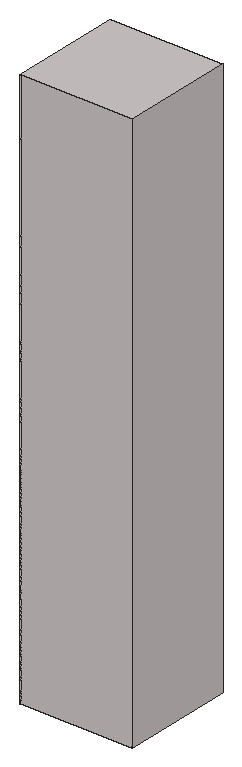
Revit family "M_Pré-moldado-Coluna quadrada", category Pilares estruturais, Revit 2019
Family settings
  Exibir em vistas ocultas = Arestas ocultadas por outros membros
  Forma do corte = Não definido
  Material para o comportamento do modelo = Concreto pré-moldado
  Exportar sempre como geometria = Não
  Redução da viga na planta = Da caixa de vinculação
  Número OmniClass = 23.25.30.11.14.11
  Título OmniClass = Columns
  ID de item do Seek = Precast-Square Column-0000-CAN-ENU
  Corte com vazios quando carregada = Não
  Representação simbólica = Da família
  Compartilhado = Não
  Exibir o pré-corte da família na vista da planta = Sim
Parameters (values of type "500x500")
  TransChamfer = if(Chanfro = 0 mm, 2 mm, Chanfro)  # 2 mm
  Peso da vara de tirante [instance] = 30
  Vara de tirante W [instance] = (Peso da vara de tirante) * 9.80 kN / 1000  # 0.294 kN
  Structural Material [instance] = Concreto - Moldado in loco - 35 MPa
  Peso do vergalhão simples [instance] = 50
  Vergalhão em W simples [instance] = (Peso do vergalhão simples * 9.80 kN) / 1000  # 0.49 kN
  Peso das grades de vergalhão [instance] = 100
  Grades de vergalhão W [instance] = (Peso das grades de vergalhão * 9.80 kN) / 1000  # 0.98 kN
  b = 500 mm
  Chanfro = 0 mm
Reference planes
  plane 1 "Centro (Frente/Trás)": y = 25
  plane 2: z = 0
  plane 3 "Centro (Esquerda/Direita)": x = -25
  plane 4: x = -275
  plane 5: y = -225
  plane 6: x = 225
  plane 7: y = 275
  plane 8: y = -225
  plane 9: x = 223
  plane 10: x = -273
  plane 11: y = 275
Forms (mm)
  Extrusion 1, solid, material "Concreto - Moldado in loco - 35 MPa" <- "Structural Material"
    sketch origin (0, 0, 0) x (1, 0, 0) y (0, 1, 0)
      loop
        line (-273, 275) -> (-275, 275) -> (-275, -225) -> (-273, -225) -> (223, -225) -> (225, -225) -> (225, 275) -> (223, 275) -> (-273, 275)
    from 0 to 2500
Dimensions and locks
  equal spacing: plane 4, plane 3 "Centro (Esquerda/Direita)", plane 6
  equal spacing: plane 7, plane 1 "Centro (Frente/Trás)", plane 5
  "b": plane 4 to plane 6
  "b": plane 7 to plane 5
  "Chanfro": plane 7 to plane 11
  "Chanfro": plane 5 to plane 8
  "TransChamfer": plane 4 to plane 10
  "TransChamfer": plane 9 to plane 6
  aligned and locked: level to Extrusion 1
  aligned and locked: level to plane 2
  aligned and locked: Extrusion 1 to plane 2
  aligned and locked: Extrusion 1 sketch curve to plane 4
  aligned and locked: Extrusion 1 sketch curve to plane 6
  aligned and locked: Extrusion 1 sketch curve to plane 5
  aligned and locked: Extrusion 1 sketch curve to plane 7
  aligned and locked: plane 10 to Extrusion 1 sketch curve  (x2)
  aligned and locked: plane 11 to Extrusion 1 sketch curve  (x2)
  aligned and locked: plane 9 to Extrusion 1 sketch curve  (x2)
  aligned and locked: plane 8 to Extrusion 1 sketch curve  (x2)
